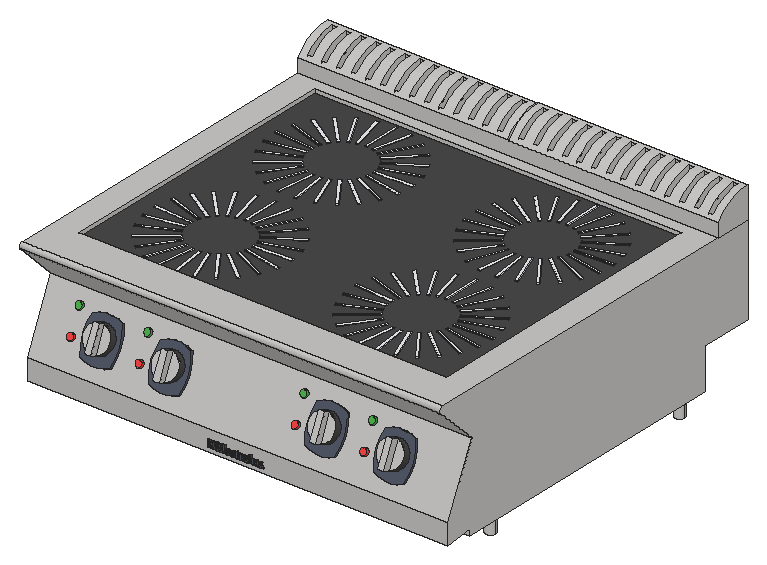
Revit family "QF_ELECTROLUXPROFESSIONAL_371021_E7INEH4000", category Specialty Equipment, Revit 2018
Family settings
  Round Connector Dimension = Use Diameter
  Part Type = Normal
  Work Plane-Based = No
  Always vertical = Yes
  Cut with Voids When Loaded = No
  Shared = No
  Room Calculation Point = No
Parameters
  Width = 800 mm  # constant formula
  Weight in Pounds = 88  # constant formula
  Watts = 14000 VA  # 14000 W
  Volts = 400 V  # constant formula
  URL Cutsheet = "www.electrolux.com/foodservice"
  URL = "www.electrolux.com/foodservice"
  Type Mark [instance] = ""
  Status [instance] = ""
  Specification by User [instance] = ""
  Specification by Manufacturer = ""
  Show Logo [instance] = yes
  Show Clearance [instance] = yes
  Serial Number = ""
  Seismic Rating = ""
  SMACNA No = ""
  Revision Code [instance] = ""
  Phase = 3  # constant formula
  Omniclass Number and Title = ""
  Number of Poles [instance] = 1
  NAFEM Spec ID Number = ""
  Model = "371021"
  Min Ckt Ampacity = 0 A
  Max Overcurrent Protection = 0 A
  Masterspec = ""
  Manufacturer = "ELECTROLUX"
  Item Number [instance] = ""
  Installed By [instance] = ""
  Identify Quantity as Lot [instance] = yes
  Height = 332 mm  # constant formula
  HP = "18.8 HP"
  Furnished By [instance] = ""
  Foodservice Equipment Identifier [instance] = yes
  FL Amps = if(Phase = 3, Watts / (Volts * 1.73), Watts / Volts)  # 20.2312 A
  Electrical Remarks [instance] = "400 V/3N ph/50/60 Hz"  # constant formula
  Electric Connection Type [instance] = ""
  Elec Conn RI Height [instance] = 0 mm
  Elec Conn Connection Height [instance] = 0 mm
  Direct Waste Size = 0"
  Description = "700XP 4 Zone Hot Plate Electric Induction Cooking Top Range - 400V"
  Depth = 730 mm  # constant formula
  Cycle = if([60 Hertz Option], 60 Hz, 50 Hz)  # 60 Hz
  Conn Plug = ""
  Conn Conduit = yes
  CSI MasterFormat = ""
  CSI Master Format = ""
  Base Height [instance] = 24 mm  # constant formula
  Apparent Power = if(Phase = 3, Volts * FL Amps * 1.73, Volts * FL Amps)  # 14000 VA
  60 Hertz Option = not([50 Hertz Option])  # yes
  50 Hertz Option = no
Reference planes
  plane 1 "BACK": y = 0
  plane 2: z = 0
  plane 3 "LEFT": x = 0
  plane 4 "RIGHT": x = 800
  plane 5 "FRONT": y = -730
  plane 6 "TOP": z = 332
  plane 7 "Center Y": x = 400
  plane 8 "Center X": y = -365
  plane 9 "BASE": z = 24
  plane 10 "TOP A": z = 273.238
  plane 11: y = -597.884
  plane 12: y = -147.637
Forms (mm)
  Extrusion 1, solid, material "QF_Finishes_Stainless Steel"
    sketch origin (0, 0, 0) x (0, 1, 0) y (0, 0, 1)
      loop
        line (0, 273.237) -> (-725.027, 273.237)
        arc (-725.027, 273.237) -> (-730.893, 269.318) -> (-729.517, 262.397) r 6.35
        line (-729.517, 262.397) -> (-657.416, 190.047) -> (-713.522, 69.19) -> (-713.522, 31.09) -> (-660.4, 36.7) -> (-660.4, 24) -> (-101.6, 24) -> (-101.6, 101.788) -> (0, 101.788) -> (0, 273.237)
    from 0 to 800
  Extrusion 2, void
    sketch origin (0, 0, 273.238) x (-1, 0, 0) y (0, -1, 0)
      loop
        line (-50, 93.262) -> (-50, 653.262) -> (-750, 653.262) -> (-750, 93.262) -> (-50, 93.262)
    from 0 to -6.35
  Extrusion 3, solid, material "QF_Finishes_Stainless Steel"
    sketch origin (0, 0, 0) x (1, 0, 0) y (0, 1, 0)
      loop
        circle (11.112, -147.638) r 9.525
      loop
        circle (11.112, -597.884) r 9.525
      loop
        circle (788.887, -147.638) r 9.525
      loop
        circle (788.887, -597.884) r 9.525
    from 0 to 24
  Extrusion 4, solid, material "QF_Finishes_Navy Blue"
    sketch origin (-40.325, -713.522, 69.19) x (0, 0.421077, 0.907025) y (-1, 0, 0)
      loop
        arc (101.077, -132.565) -> (66.2, -125.548) -> (31.333, -132.61) r 89.894
        arc (31.333, -132.61) -> (24.638, -161.14) -> (31.333, -189.671) r 64.14
        arc (31.333, -189.671) -> (66.2, -196.736) -> (101.077, -189.715) r 89.853
        arc (101.077, -189.715) -> (107.792, -161.14) -> (101.077, -132.565) r 64.16
    from 0 to 3.175
  Extrusion 5, solid, material "QF_Finishes_Stainless Steel"
    sketch origin (-40.325, -716.402, 70.527) x (0, 0.421077, 0.907025) y (-1, 0, 0)
      loop
        circle (68.826, -160.963) r 25.4
    from 0 to 12.7
  Extrusion 6, solid, material "QF_Finishes_Stainless Steel"
    sketch origin (-40.325, -727.921, 75.875) x (0, 0.421077, 0.907025) y (-1, 0, 0)
      loop
        arc (93.558, -166.749) -> (94.226, -160.963) -> (93.558, -155.177) r 25.4
        line (93.558, -155.177) -> (44.094, -155.177)
        arc (44.094, -155.177) -> (43.426, -160.963) -> (44.094, -166.749) r 25.4
        line (44.094, -166.749) -> (93.558, -166.749)
    from 0 to 12.7
  Extrusion 7, solid, material "QF_Finishes_Green"
    sketch origin (-95, -709.311, 78.261) x (0, 0.421077, 0.907025) y (-1, 0, 0)
      loop
        circle (93.566, -160.648) r 6.35
    from 0 to 3.175
  Extrusion 8, solid, material "QF_Finishes_Red"
    sketch origin (-95, -719.312, 56.719) x (0, 0.421077, 0.907025) y (-1, 0, 0)
      loop
        circle (68.272, -160.648) r 6.4
    from 0 to 3.175
  Extrusion 9, solid, material "QF_Finishes_Stainless Steel"
    sketch origin (0, -101.6, 101.788) x (0, 0, -1) y (-1, 0, 0)
      loop
        circle (43.882, -736.5) r 12.7
    from 0 to 12.7
  Extrusion 10, solid, material "QF_Finishes_Clearance", visible <- "Show Clearance", detail levels coarse
    sketch origin (0, 0, 0) x (1, 0, 0) y (0, 1, 0)
      loop
        line (0, -731.377) -> (0, 0) -> (800, 0) -> (800, -731.377) -> (950.019, -731.377) -> (950.019, 150.019) -> (-150.019, 150.019) -> (-150.019, -731.377) -> (0, -731.377)
    from 0 to 332
  Extrusion 11, solid, material "QF_Finishes_Stainless Steel"
    sketch origin (0, 0, -1.4) x (0, 1, 0) y (0, 0, 1)
      loop
        line (0, 274.638) -> (0, 333.375)
        arc (0, 333.375) -> (-38.879, 324.991) -> (-69.85, 300.038) r 86.156
        line (-69.85, 300.038) -> (-69.85, 274.638) -> (0, 274.638)
    from 0 to 800.1
  Extrusion 12, void
    sketch origin (0, 0, 273.238) x (-1, 0, 0) y (0, -1, 0)
      loop
        line (-13.453, 6.761) -> (-13.453, 63.911) -> (-22.749, 63.911) -> (-22.749, 6.761) -> (-13.453, 6.761)
    from 25.4 to 63.5
  Extrusion 13, void
    sketch origin (361.95, 0, 273.238) x (-1, 0, 0) y (0, -1, 0)
      loop
        line (-13.453, 6.761) -> (-13.453, 63.911) -> (-22.749, 63.911) -> (-22.749, 6.761) -> (-13.453, 6.761)
    from 25.4 to 63.5
  Extrusion 14, void
    sketch origin (27.842, 0, 273.238) x (-1, 0, 0) y (0, -1, 0)
      loop
        line (-13.453, 6.761) -> (-13.453, 63.911) -> (-22.749, 63.911) -> (-22.749, 6.761) -> (-13.453, 6.761)
    from 25.4 to 63.5
  Extrusion 15, void
    sketch origin (55.685, 0, 273.238) x (-1, 0, 0) y (0, -1, 0)
      loop
        line (-13.453, 6.761) -> (-13.453, 63.911) -> (-22.749, 63.911) -> (-22.749, 6.761) -> (-13.453, 6.761)
    from 25.4 to 63.5
  Extrusion 16, void
    sketch origin (83.527, 0, 273.238) x (-1, 0, 0) y (0, -1, 0)
      loop
        line (-13.453, 6.761) -> (-13.453, 63.911) -> (-22.749, 63.911) -> (-22.749, 6.761) -> (-13.453, 6.761)
    from 25.4 to 63.5
  Extrusion 17, void
    sketch origin (111.369, 0, 273.238) x (-1, 0, 0) y (0, -1, 0)
      loop
        line (-13.453, 6.761) -> (-13.453, 63.911) -> (-22.749, 63.911) -> (-22.749, 6.761) -> (-13.453, 6.761)
    from 25.4 to 63.5
  Extrusion 18, void
    sketch origin (139.212, 0, 273.238) x (-1, 0, 0) y (0, -1, 0)
      loop
        line (-13.453, 6.761) -> (-13.453, 63.911) -> (-22.749, 63.911) -> (-22.749, 6.761) -> (-13.453, 6.761)
    from 25.4 to 63.5
  Extrusion 19, void
    sketch origin (167.054, 0, 273.238) x (-1, 0, 0) y (0, -1, 0)
      loop
        line (-13.453, 6.761) -> (-13.453, 63.911) -> (-22.749, 63.911) -> (-22.749, 6.761) -> (-13.453, 6.761)
    from 25.4 to 63.5
  Extrusion 20, void
    sketch origin (194.896, 0, 273.238) x (-1, 0, 0) y (0, -1, 0)
      loop
        line (-13.453, 6.761) -> (-13.453, 63.911) -> (-22.749, 63.911) -> (-22.749, 6.761) -> (-13.453, 6.761)
    from 25.4 to 63.5
  Extrusion 21, void
    sketch origin (222.738, 0, 273.238) x (-1, 0, 0) y (0, -1, 0)
      loop
        line (-13.453, 6.761) -> (-13.453, 63.911) -> (-22.749, 63.911) -> (-22.749, 6.761) -> (-13.453, 6.761)
    from 25.4 to 63.5
  Extrusion 22, void
    sketch origin (250.581, 0, 273.238) x (-1, 0, 0) y (0, -1, 0)
      loop
        line (-13.453, 6.761) -> (-13.453, 63.911) -> (-22.749, 63.911) -> (-22.749, 6.761) -> (-13.453, 6.761)
    from 25.4 to 63.5
  Extrusion 23, void
    sketch origin (278.423, 0, 273.238) x (-1, 0, 0) y (0, -1, 0)
      loop
        line (-13.453, 6.761) -> (-13.453, 63.911) -> (-22.749, 63.911) -> (-22.749, 6.761) -> (-13.453, 6.761)
    from 25.4 to 63.5
  Extrusion 24, void
    sketch origin (306.265, 0, 273.238) x (-1, 0, 0) y (0, -1, 0)
      loop
        line (-13.453, 6.761) -> (-13.453, 63.911) -> (-22.749, 63.911) -> (-22.749, 6.761) -> (-13.453, 6.761)
    from 25.4 to 63.5
  Extrusion 25, void
    sketch origin (334.108, 0, 273.238) x (-1, 0, 0) y (0, -1, 0)
      loop
        line (-13.453, 6.761) -> (-13.453, 63.911) -> (-22.749, 63.911) -> (-22.749, 6.761) -> (-13.453, 6.761)
    from 25.4 to 63.5
  Extrusion 26, void
    sketch origin (800.1, 0, 273.238) x (1, 0, 0) y (0, 1, 0)
      loop
        line (-13.453, -6.761) -> (-22.749, -6.761) -> (-22.749, -63.911) -> (-13.453, -63.911) -> (-13.453, -6.761)
    from 25.4 to 63.5
  Extrusion 27, void
    sketch origin (438.15, 0, 273.238) x (1, 0, 0) y (0, 1, 0)
      loop
        line (-13.453, -6.761) -> (-22.749, -6.761) -> (-22.749, -63.911) -> (-13.453, -63.911) -> (-13.453, -6.761)
    from 25.4 to 63.5
  Extrusion 28, void
    sketch origin (772.258, 0, 273.238) x (1, 0, 0) y (0, 1, 0)
      loop
        line (-13.453, -6.761) -> (-22.749, -6.761) -> (-22.749, -63.911) -> (-13.453, -63.911) -> (-13.453, -6.761)
    from 25.4 to 63.5
  Extrusion 29, void
    sketch origin (744.415, 0, 273.238) x (1, 0, 0) y (0, 1, 0)
      loop
        line (-13.453, -6.761) -> (-22.749, -6.761) -> (-22.749, -63.911) -> (-13.453, -63.911) -> (-13.453, -6.761)
    from 25.4 to 63.5
  Extrusion 30, void
    sketch origin (716.573, 0, 273.238) x (1, 0, 0) y (0, 1, 0)
      loop
        line (-13.453, -6.761) -> (-22.749, -6.761) -> (-22.749, -63.911) -> (-13.453, -63.911) -> (-13.453, -6.761)
    from 25.4 to 63.5
  Extrusion 31, void
    sketch origin (688.731, 0, 273.238) x (1, 0, 0) y (0, 1, 0)
      loop
        line (-13.453, -6.761) -> (-22.749, -6.761) -> (-22.749, -63.911) -> (-13.453, -63.911) -> (-13.453, -6.761)
    from 25.4 to 63.5
  Extrusion 32, void
    sketch origin (660.888, 0, 273.238) x (1, 0, 0) y (0, 1, 0)
      loop
        line (-13.453, -6.761) -> (-22.749, -6.761) -> (-22.749, -63.911) -> (-13.453, -63.911) -> (-13.453, -6.761)
    from 25.4 to 63.5
  Extrusion 33, void
    sketch origin (633.046, 0, 273.238) x (1, 0, 0) y (0, 1, 0)
      loop
        line (-13.453, -6.761) -> (-22.749, -6.761) -> (-22.749, -63.911) -> (-13.453, -63.911) -> (-13.453, -6.761)
    from 25.4 to 63.5
  Extrusion 34, void
    sketch origin (605.204, 0, 273.238) x (1, 0, 0) y (0, 1, 0)
      loop
        line (-13.453, -6.761) -> (-22.749, -6.761) -> (-22.749, -63.911) -> (-13.453, -63.911) -> (-13.453, -6.761)
    from 25.4 to 63.5
  Extrusion 35, void
    sketch origin (577.362, 0, 273.238) x (1, 0, 0) y (0, 1, 0)
      loop
        line (-13.453, -6.761) -> (-22.749, -6.761) -> (-22.749, -63.911) -> (-13.453, -63.911) -> (-13.453, -6.761)
    from 25.4 to 63.5
  Extrusion 36, void
    sketch origin (549.519, 0, 273.238) x (1, 0, 0) y (0, 1, 0)
      loop
        line (-13.453, -6.761) -> (-22.749, -6.761) -> (-22.749, -63.911) -> (-13.453, -63.911) -> (-13.453, -6.761)
    from 25.4 to 63.5
  Extrusion 37, void
    sketch origin (521.677, 0, 273.238) x (1, 0, 0) y (0, 1, 0)
      loop
        line (-13.453, -6.761) -> (-22.749, -6.761) -> (-22.749, -63.911) -> (-13.453, -63.911) -> (-13.453, -6.761)
    from 25.4 to 63.5
  Extrusion 38, void
    sketch origin (493.835, 0, 273.238) x (1, 0, 0) y (0, 1, 0)
      loop
        line (-13.453, -6.761) -> (-22.749, -6.761) -> (-22.749, -63.911) -> (-13.453, -63.911) -> (-13.453, -6.761)
    from 25.4 to 63.5
  Extrusion 39, void
    sketch origin (465.992, 0, 273.238) x (1, 0, 0) y (0, 1, 0)
      loop
        line (-13.453, -6.761) -> (-22.749, -6.761) -> (-22.749, -63.911) -> (-13.453, -63.911) -> (-13.453, -6.761)
    from 25.4 to 63.5
  Extrusion 40, void
    sketch origin (418.151, 0, 273.238) x (1, 0, 0) y (0, 1, 0)
      loop
        line (-16.513, 0) -> (-19.688, 0) -> (-19.688, -69.85) -> (-16.513, -69.85) -> (-16.513, 0)
    from 25.4 to 63.5
  Extrusion 41, solid, material "QF_Finishes_Navy Blue", visible <- "Show Logo"
    sketch origin (57.747, -713.772, 32.49) x (0, 0, 1) y (-1, 0, 0)
      loop
        line (20.674, -296.698) -> (8.307, -296.698)
        arc (8.307, -296.698) -> (14.491, -301.27) -> (20.674, -296.698) r 6.467
      loop
        arc (20.674, -296.069) -> (19.505, -290.926) -> (14.849, -288.448) r 6.338
        line (14.849, -288.448) -> (14.849, -290.494)
        arc (14.849, -290.494) -> (16.333, -294.149) -> (19.778, -296.069) r 5.941
        line (19.778, -296.069) -> (20.674, -296.069)
      loop
        arc (9.203, -296.069) -> (12.648, -294.149) -> (14.132, -290.494) r 5.941
        line (14.132, -290.494) -> (14.132, -288.448)
        arc (14.132, -288.448) -> (9.438, -290.922) -> (8.148, -296.069) r 6.504
        line (8.148, -296.069) -> (9.203, -296.069)
      loop
        line (21.349, -287.979) -> (7.604, -287.979) -> (7.604, -301.742) -> (21.349, -301.742) -> (21.349, -287.979)
      loop
        arc (21.432, -304.71) -> (21.085, -304.352) -> (20.718, -304.69) r 0.358
        arc (20.718, -304.69) -> (20.404, -305.44) -> (19.687, -305.825) r 1.216
        line (19.687, -305.825) -> (9.274, -305.825)
        arc (9.274, -305.825) -> (8.614, -305.548) -> (8.218, -304.951) r 1.238
        arc (8.218, -304.951) -> (7.823, -304.7) -> (7.518, -305.054) r 0.358
        line (7.518, -305.054) -> (7.518, -314.933) -> (10.269, -314.933) -> (10.269, -314.036)
        arc (10.269, -314.036) -> (9.36, -313.456) -> (8.904, -312.479) r 1.928
        line (8.904, -312.479) -> (8.904, -309.98)
        arc (8.904, -309.98) -> (9.18, -309.251) -> (9.868, -308.887) r 1.101
        line (9.868, -308.887) -> (13.955, -308.887) -> (13.955, -312.561)
        arc (13.955, -312.561) -> (13.602, -313.058) -> (13.037, -313.286) r 1.083
        arc (13.037, -313.286) -> (12.773, -313.591) -> (13.065, -313.869) r 0.292
        line (13.065, -313.869) -> (16.028, -313.869)
        arc (16.028, -313.869) -> (16.33, -313.596) -> (16.092, -313.266) r 0.305
        arc (16.092, -313.266) -> (15.601, -313.018) -> (15.296, -312.561) r 1.083
        line (15.296, -312.561) -> (15.296, -308.887) -> (19.973, -308.887) -> (19.973, -312.635)
        arc (19.973, -312.635) -> (19.759, -313.39) -> (19.153, -313.888) r 1.314
        arc (19.153, -313.888) -> (18.934, -314.292) -> (19.288, -314.585) r 0.361
        line (19.288, -314.585) -> (21.432, -314.585) -> (21.432, -304.71)
      loop
        arc (20.715, -315.365) -> (20.335, -316.284) -> (19.416, -316.664) r 1.299
        line (19.416, -316.664) -> (9.837, -316.664)
        arc (9.837, -316.664) -> (8.999, -316.286) -> (8.728, -315.408) r 1.118
        line (8.728, -315.408) -> (7.518, -315.408) -> (7.518, -320.758) -> (8.706, -320.758)
        arc (8.706, -320.758) -> (8.978, -319.841) -> (9.848, -319.445) r 1.153
        line (9.848, -319.445) -> (21.92, -319.445) -> (20.715, -315.365)
      loop
        line (12.483, -323.394) -> (12.483, -329.842) -> (13.282, -329.842)
        arc (13.282, -329.842) -> (15.862, -328.857) -> (17.131, -326.404) r 3.874
        line (17.131, -326.404) -> (17.131, -324.643)
        arc (17.131, -324.643) -> (15.944, -321.778) -> (13.08, -320.592) r 4.051
        line (13.08, -320.592) -> (11.072, -320.592)
        arc (11.072, -320.592) -> (8.253, -322.077) -> (7.202, -325.084) r 4.352
        arc (7.202, -325.084) -> (7.566, -327.547) -> (8.943, -329.621) r 5.713
        line (8.943, -329.621) -> (9.892, -329.621)
        arc (9.892, -329.621) -> (9.16, -328.052) -> (8.943, -326.334) r 5.579
        arc (8.943, -326.334) -> (9.737, -324.371) -> (11.616, -323.394) r 3.057
        line (11.616, -323.394) -> (12.483, -323.394)
      loop
        line (13.742, -323.394) -> (13.742, -326.977)
        arc (13.742, -326.977) -> (15.199, -327.024) -> (16.082, -325.864) r 1.59
        line (16.082, -325.864) -> (16.082, -325.034)
        arc (16.082, -325.034) -> (15.217, -323.779) -> (13.742, -323.394) r 2.184
      loop
        arc (16.533, -339.259) -> (17.022, -337.585) -> (17.179, -335.848) r 9.023
        line (17.179, -335.848) -> (17.179, -334.486)
        arc (17.179, -334.486) -> (16.02, -331.686) -> (13.22, -330.527) r 3.959
        line (13.22, -330.527) -> (10.62, -330.527)
        arc (10.62, -330.527) -> (8.338, -331.819) -> (7.221, -334.192) r 4.331
        line (7.221, -334.192) -> (7.221, -336.327)
        arc (7.221, -336.327) -> (7.729, -337.877) -> (8.651, -339.223) r 5.772
        arc (8.651, -339.223) -> (9.412, -339.274) -> (9.499, -338.515) r 0.553
        arc (9.499, -338.515) -> (9.111, -337.781) -> (8.977, -336.962) r 2.573
        line (8.977, -336.962) -> (8.977, -335.447)
        arc (8.977, -335.447) -> (9.983, -333.806) -> (11.798, -333.163) r 2.884
        line (11.798, -333.163) -> (13.077, -333.163)
        arc (13.077, -333.163) -> (14.898, -333.723) -> (15.824, -335.388) r 2.554
        line (15.824, -335.388) -> (15.824, -336.441)
        arc (15.824, -336.441) -> (15.493, -337.369) -> (14.836, -338.104) r 2.564
        arc (14.836, -338.104) -> (14.614, -338.821) -> (15.223, -339.259) r 0.643
        line (15.223, -339.259) -> (16.533, -339.259)
      loop
        line (15.515, -339.53) -> (15.515, -341.031) -> (9.467, -341.031)
        arc (9.467, -341.031) -> (7.879, -341.688) -> (7.221, -343.276) r 2.246
        line (7.221, -343.276) -> (7.221, -344.86)
        arc (7.221, -344.86) -> (7.535, -345.725) -> (8.035, -346.496) r 4.06
        arc (8.035, -346.496) -> (8.768, -346.629) -> (9.019, -345.928) r 0.576
        arc (9.019, -345.928) -> (8.913, -345.403) -> (8.977, -344.87) r 1.69
        arc (8.977, -344.87) -> (9.519, -344.082) -> (10.425, -343.779) r 1.506
        line (10.425, -343.779) -> (15.563, -343.779) -> (15.563, -346.176) -> (16.119, -346.733) -> (16.941, -346.733) -> (16.941, -343.873) -> (20.172, -343.873) -> (15.515, -339.53)
      loop
        line (7.438, -347.63) -> (7.438, -353.017) -> (8.548, -353.017)
        arc (8.548, -353.017) -> (8.942, -352.066) -> (9.893, -351.672) r 1.345
        line (9.893, -351.672) -> (13.509, -351.672)
        arc (13.509, -351.672) -> (14.274, -352.264) -> (14.564, -353.186) r 1.615
        line (14.564, -353.186) -> (14.564, -354.742) -> (17.119, -355.427) -> (17.119, -354.044) -> (15.177, -351.485) -> (17.057, -351.485) -> (16.773, -348.779)
        arc (16.773, -348.779) -> (16.333, -348.249) -> (15.674, -348.45) r 0.621
        arc (15.674, -348.45) -> (15.274, -348.792) -> (14.78, -348.975) r 1.501
        line (14.78, -348.975) -> (9.893, -348.975)
        arc (9.893, -348.975) -> (8.942, -348.581) -> (8.548, -347.63) r 1.345
        line (8.548, -347.63) -> (7.438, -347.63)
      loop
        line (13.54, -354.964) -> (10.848, -354.964)
        arc (10.848, -354.964) -> (8.403, -356.272) -> (7.269, -358.803) r 4.288
        arc (7.269, -358.803) -> (7.205, -360.183) -> (7.269, -361.563) r 15.022
        arc (7.269, -361.563) -> (8.403, -364.094) -> (10.848, -365.401) r 4.288
        line (10.848, -365.401) -> (13.54, -365.401)
        arc (13.54, -365.401) -> (15.986, -364.094) -> (17.119, -361.563) r 4.288
        arc (17.119, -361.563) -> (17.183, -360.183) -> (17.119, -358.803) r 15.022
        arc (17.119, -358.803) -> (15.986, -356.272) -> (13.54, -354.964) r 4.288
      loop
        line (13.745, -358.078) -> (10.643, -358.078)
        arc (10.643, -358.078) -> (8.486, -360.235) -> (10.643, -362.392) r 2.157
        line (10.643, -362.392) -> (13.745, -362.392)
        arc (13.745, -362.392) -> (15.902, -360.235) -> (13.745, -358.078) r 2.157
      loop
        arc (20.726, -365.26) -> (20.355, -366.154) -> (19.461, -366.524) r 1.264
        line (19.461, -366.524) -> (9.597, -366.524)
        arc (9.597, -366.524) -> (8.727, -366.127) -> (8.455, -365.211) r 1.153
        line (8.455, -365.211) -> (7.518, -365.211) -> (7.518, -370.319) -> (8.446, -370.319)
        arc (8.446, -370.319) -> (8.805, -369.547) -> (9.597, -369.232) r 1.153
        line (9.597, -369.232) -> (21.92, -369.232) -> (20.726, -365.26)
      loop
        arc (15.846, -369.857) -> (15.647, -370.921) -> (14.678, -371.403) r 1.215
        line (14.678, -371.403) -> (9.658, -371.403)
        arc (9.658, -371.403) -> (8.043, -372.051) -> (7.322, -373.634) r 2.338
        line (7.322, -373.634) -> (7.322, -375.148)
        arc (7.322, -375.148) -> (7.497, -376.152) -> (7.999, -377.038) r 2.979
        line (7.999, -377.038) -> (7.518, -378.835) -> (7.518, -380.524) -> (16.943, -380.524) -> (16.649, -376.32) -> (15.863, -376.32)
        arc (15.863, -376.32) -> (15.507, -377.156) -> (14.755, -377.665) r 1.605
        line (14.755, -377.665) -> (9.652, -377.665)
        arc (9.652, -377.665) -> (9.232, -376.728) -> (9.159, -375.704) r 2.94
        arc (9.159, -375.704) -> (9.72, -374.603) -> (10.873, -374.16) r 1.724
        line (10.873, -374.16) -> (17.07, -374.16) -> (15.846, -369.857)
      loop
        line (16.874, -381.377) -> (15.202, -383.423) -> (12.028, -385.729) -> (8.572, -382.617)
        arc (8.572, -382.617) -> (8.335, -382.223) -> (8.357, -381.764) r 0.789
        line (8.357, -381.764) -> (7.518, -381.764) -> (7.518, -385.309) -> (8.344, -385.309)
        arc (8.344, -385.309) -> (8.686, -384.947) -> (9.176, -385.039) r 0.52
        line (9.176, -385.039) -> (10.976, -386.51) -> (8.858, -387.886)
        arc (8.858, -387.886) -> (8.457, -387.576) -> (8.37, -387.076) r 0.7
        line (8.37, -387.076) -> (7.518, -387.076) -> (7.518, -393.003) -> (8.405, -393.003)
        arc (8.405, -393.003) -> (8.472, -392.344) -> (8.866, -391.813) r 1.247
        line (8.866, -391.813) -> (13.066, -388.532) -> (15.513, -390.585) -> (16.874, -392.327) -> (16.874, -388.604) -> (15.389, -389.026) -> (13.868, -387.749) -> (15.568, -386.559) -> (16.874, -387.336) -> (16.874, -381.377)
    from 0 to 1.644
  Extrusion 42, solid, material "QF_Finishes_Navy Blue"
    sketch origin (90.31, -713.522, 69.19) x (0, 0.421077, 0.907025) y (-1, 0, 0)
      loop
        arc (101.077, -132.565) -> (66.2, -125.548) -> (31.333, -132.61) r 89.894
        arc (31.333, -132.61) -> (24.638, -161.14) -> (31.333, -189.671) r 64.14
        arc (31.333, -189.671) -> (66.2, -196.736) -> (101.077, -189.715) r 89.853
        arc (101.077, -189.715) -> (107.792, -161.14) -> (101.077, -132.565) r 64.16
    from 0 to 3.175
  Extrusion 43, solid, material "QF_Finishes_Stainless Steel"
    sketch origin (90.31, -716.402, 70.527) x (0, 0.421077, 0.907025) y (-1, 0, 0)
      loop
        circle (68.826, -160.963) r 25.4
    from 0 to 12.7
  Extrusion 44, solid, material "QF_Finishes_Stainless Steel"
    sketch origin (90.31, -727.921, 75.875) x (0, 0.421077, 0.907025) y (-1, 0, 0)
      loop
        arc (93.558, -166.749) -> (94.226, -160.963) -> (93.558, -155.177) r 25.4
        line (93.558, -155.177) -> (44.094, -155.177)
        arc (44.094, -155.177) -> (43.426, -160.963) -> (44.094, -166.749) r 25.4
        line (44.094, -166.749) -> (93.558, -166.749)
    from 0 to 12.7
  Extrusion 45, solid, material "QF_Finishes_Green"
    sketch origin (35.635, -709.311, 78.261) x (0, 0.421077, 0.907025) y (-1, 0, 0)
      loop
        circle (93.566, -160.648) r 6.35
    from 0 to 3.175
  Extrusion 46, solid, material "QF_Finishes_Red"
    sketch origin (35.635, -719.312, 56.719) x (0, 0.421077, 0.907025) y (-1, 0, 0)
      loop
        circle (68.272, -160.648) r 6.4
    from 0 to 3.175
  Extrusion 47, solid, material "QF_Finishes_Navy Blue"
    sketch origin (840.325, -713.522, 69.19) x (0, 0.421077, 0.907025) y (-1, 0, 0)
      loop
        arc (101.077, 132.565) -> (107.792, 161.14) -> (101.077, 189.715) r 64.16
        arc (101.077, 189.715) -> (66.2, 196.736) -> (31.333, 189.671) r 89.853
        arc (31.333, 189.671) -> (24.638, 161.14) -> (31.333, 132.61) r 64.14
        arc (31.333, 132.61) -> (66.2, 125.548) -> (101.077, 132.565) r 89.894
    from 0 to 3.175
  Extrusion 48, solid, material "QF_Finishes_Stainless Steel"
    sketch origin (840.325, -716.402, 70.527) x (0, 0.421077, 0.907025) y (-1, 0, 0)
      loop
        circle (68.826, 160.963) r 25.4
    from 0 to 12.7
  Extrusion 49, solid, material "QF_Finishes_Stainless Steel"
    sketch origin (840.325, -727.921, 75.875) x (0, 0.421077, 0.907025) y (-1, 0, 0)
      loop
        line (93.558, 166.749) -> (44.094, 166.749)
        arc (44.094, 166.749) -> (43.426, 160.963) -> (44.094, 155.177) r 25.4
        line (44.094, 155.177) -> (93.558, 155.177)
        arc (93.558, 155.177) -> (94.226, 160.963) -> (93.558, 166.749) r 25.4
    from 0 to 12.7
  Extrusion 50, solid, material "QF_Finishes_Navy Blue"
    sketch origin (709.69, -713.522, 69.19) x (0, 0.421077, 0.907025) y (-1, 0, 0)
      loop
        arc (101.077, 132.565) -> (107.792, 161.14) -> (101.077, 189.715) r 64.16
        arc (101.077, 189.715) -> (66.2, 196.736) -> (31.333, 189.671) r 89.853
        arc (31.333, 189.671) -> (24.638, 161.14) -> (31.333, 132.61) r 64.14
        arc (31.333, 132.61) -> (66.2, 125.548) -> (101.077, 132.565) r 89.894
    from 0 to 3.175
  Extrusion 51, solid, material "QF_Finishes_Stainless Steel"
    sketch origin (709.69, -716.402, 70.527) x (0, 0.421077, 0.907025) y (-1, 0, 0)
      loop
        circle (68.826, 160.963) r 25.4
    from 0 to 12.7
  Extrusion 52, solid, material "QF_Finishes_Stainless Steel"
    sketch origin (709.69, -727.921, 75.875) x (0, 0.421077, 0.907025) y (-1, 0, 0)
      loop
        line (93.558, 166.749) -> (44.094, 166.749)
        arc (44.094, 166.749) -> (43.426, 160.963) -> (44.094, 155.177) r 25.4
        line (44.094, 155.177) -> (93.558, 155.177)
        arc (93.558, 155.177) -> (94.226, 160.963) -> (93.558, 166.749) r 25.4
    from 0 to 12.7
  Extrusion 53, solid, material "QF_Finishes_Green"
    sketch origin (332.734, -709.311, 78.261) x (0, 0.421077, 0.907025) y (-1, 0, 0)
      loop
        circle (93.566, -160.648) r 6.35
    from 0 to 3.175
  Extrusion 54, solid, material "QF_Finishes_Red"
    sketch origin (332.734, -719.312, 56.719) x (0, 0.421077, 0.907025) y (-1, 0, 0)
      loop
        circle (68.272, -160.648) r 6.4
    from 0 to 3.175
  Extrusion 55, solid, material "QF_Finishes_Green"
    sketch origin (463.369, -709.311, 78.261) x (0, 0.421077, 0.907025) y (-1, 0, 0)
      loop
        circle (93.566, -160.648) r 6.35
    from 0 to 3.175
  Extrusion 56, solid, material "QF_Finishes_Red"
    sketch origin (463.369, -719.312, 56.719) x (0, 0.421077, 0.907025) y (-1, 0, 0)
      loop
        circle (68.272, -160.648) r 6.4
    from 0 to 3.175
Cuts and joins
  Extrusion 2, Extrusion 12, Extrusion 13, Extrusion 14, Extrusion 15, Extrusion 16, Extrusion 17, Extrusion 18, Extrusion 19, Extrusion 20, Extrusion 21, Extrusion 22, Extrusion 23, Extrusion 24, Extrusion 25, Extrusion 26, Extrusion 27, Extrusion 28, Extrusion 29, Extrusion 30, Extrusion 31, Extrusion 32, Extrusion 33, Extrusion 34, Extrusion 35, Extrusion 36, Extrusion 37, Extrusion 38, Extrusion 39, Extrusion 40 cuts Extrusion 1
  joined: Extrusion 5, Extrusion 6
  Extrusion 12 cuts Extrusion 10
  Extrusion 12, Extrusion 13, Extrusion 14, Extrusion 15, Extrusion 16, Extrusion 17, Extrusion 18, Extrusion 19, Extrusion 20, Extrusion 21, Extrusion 22, Extrusion 23, Extrusion 24, Extrusion 25, Extrusion 26, Extrusion 27, Extrusion 28, Extrusion 29, Extrusion 30, Extrusion 31, Extrusion 32, Extrusion 33, Extrusion 34, Extrusion 35, Extrusion 36, Extrusion 37, Extrusion 38, Extrusion 39, Extrusion 40 cuts Extrusion 11
Lines and regions (mm)
  symbolic lines, style "QF-Clearances", visible <- "Show Clearance", detail levels coarse
    curve 1: line (-150.019, 150.019, 273.238) -> (-150.019, -731.377, 273.238)
    curve 2: line (950.019, 150.019, 273.237) -> (-150.019, 150.019, 273.238)
    curve 3: line (950.019, -731.377, 273.237) -> (950.019, 150.019, 273.237)
  symbolic lines
    curve 4: line (0, 0, 273.238) -> (800, 0, 273.237)
    curve 5: line (0, -730, 273.238) -> (0, 0, 273.238)
    curve 6: line (800, 0, 273.237) -> (800, -730, 273.237)
    curve 7: line (231.725, -69.85, 273.237) -> (0, -69.85, 273.238)
    curve 8: line (0, -69.85, 273.238) -> (0, -120.65, 273.238)
    curve 9: line (0, -69.85, 273.238) -> (398.546, -69.85, 273.237)
    curve 10: line (800, -730, 273.237) -> (0, -730, 273.238)
    curve 11: line (726.512, -356.903, 266.887) -> (738.006, -356.903, 266.887)
    curve 12: line (726.512, -389.159, 266.887) -> (726.512, -356.903, 266.887)
    curve 13: line (738.006, -389.159, 266.887) -> (726.512, -389.159, 266.887)
    curve 14: line (738.006, -356.903, 266.887) -> (738.006, -389.159, 266.887)
    curve 15: line (50, -653.262, 266.888) -> (50, -93.262, 266.888)
    curve 16: line (50, -93.262, 266.888) -> (750, -93.262, 266.887)
    curve 17: line (750, -93.262, 266.887) -> (750, -653.262, 266.887)
    curve 18: line (750, -653.262, 266.887) -> (50, -653.262, 266.888)
    curve 19: line (13.453, -63.911, 266.888) -> (13.453, -6.761, 266.888)
    curve 20: line (13.453, -6.761, 266.888) -> (22.749, -6.761, 266.888)
    curve 21: line (22.749, -6.761, 266.888) -> (22.749, -63.911, 266.888)
    curve 22: line (22.749, -63.911, 266.888) -> (13.453, -63.911, 266.888)
    curve 23: line (375.403, -63.911, 266.887) -> (375.403, -6.761, 266.887)
    curve 24: line (375.403, -6.761, 266.887) -> (384.699, -6.761, 266.887)
    curve 25: line (384.699, -6.761, 266.887) -> (384.699, -63.911, 266.887)
    curve 26: line (384.699, -63.911, 266.887) -> (375.403, -63.911, 266.887)
    curve 27: line (41.295, -63.911, 266.888) -> (41.295, -6.761, 266.888)
    curve 28: line (41.295, -6.761, 266.888) -> (50.591, -6.761, 266.888)
    curve 29: line (50.591, -6.761, 266.888) -> (50.591, -63.911, 266.888)
    curve 30: line (50.591, -63.911, 266.888) -> (41.295, -63.911, 266.888)
    curve 31: line (69.137, -63.911, 266.888) -> (69.137, -6.761, 266.888)
    curve 32: line (69.137, -6.761, 266.888) -> (78.433, -6.761, 266.888)
    curve 33: line (78.433, -6.761, 266.888) -> (78.433, -63.911, 266.888)
    curve 34: line (78.433, -63.911, 266.888) -> (69.137, -63.911, 266.888)
    curve 35: line (96.98, -63.911, 266.888) -> (96.98, -6.761, 266.888)
    curve 36: line (96.98, -6.761, 266.888) -> (106.275, -6.761, 266.888)
    curve 37: line (106.275, -6.761, 266.888) -> (106.275, -63.911, 266.888)
    curve 38: line (106.275, -63.911, 266.888) -> (96.98, -63.911, 266.888)
    curve 39: line (124.822, -63.911, 266.888) -> (124.822, -6.761, 266.888)
    curve 40: line (124.822, -6.761, 266.888) -> (134.118, -6.761, 266.888)
    curve 41: line (134.118, -6.761, 266.888) -> (134.118, -63.911, 266.888)
    curve 42: line (134.118, -63.911, 266.888) -> (124.822, -63.911, 266.888)
    curve 43: line (152.664, -63.911, 266.888) -> (152.664, -6.761, 266.888)
    curve 44: line (152.664, -6.761, 266.888) -> (161.96, -6.761, 266.888)
    curve 45: line (161.96, -6.761, 266.888) -> (161.96, -63.911, 266.888)
    curve 46: line (161.96, -63.911, 266.888) -> (152.664, -63.911, 266.888)
    curve 47: line (180.507, -63.911, 266.888) -> (180.507, -6.761, 266.888)
    curve 48: line (180.507, -6.761, 266.888) -> (189.802, -6.761, 266.888)
    curve 49: line (189.802, -6.761, 266.888) -> (189.802, -63.911, 266.888)
    curve 50: line (189.802, -63.911, 266.888) -> (180.507, -63.911, 266.888)
    curve 51: line (208.349, -63.911, 266.888) -> (208.349, -6.761, 266.888)
    curve 52: line (208.349, -6.761, 266.888) -> (217.645, -6.761, 266.888)
    curve 53: line (217.645, -6.761, 266.888) -> (217.645, -63.911, 266.888)
    curve 54: line (217.645, -63.911, 266.888) -> (208.349, -63.911, 266.888)
    curve 55: line (236.191, -63.911, 266.888) -> (236.191, -6.761, 266.888)
    curve 56: line (236.191, -6.761, 266.888) -> (245.487, -6.761, 266.888)
    curve 57: line (245.487, -6.761, 266.888) -> (245.487, -63.911, 266.888)
    curve 58: line (245.487, -63.911, 266.888) -> (236.191, -63.911, 266.888)
    curve 59: line (264.034, -63.911, 266.888) -> (264.034, -6.761, 266.888)
    curve 60: line (264.034, -6.761, 266.888) -> (273.329, -6.761, 266.888)
    curve 61: line (273.329, -6.761, 266.888) -> (273.329, -63.911, 266.888)
    curve 62: line (273.329, -63.911, 266.888) -> (264.034, -63.911, 266.888)
    curve 63: line (291.876, -63.911, 266.888) -> (291.876, -6.761, 266.888)
    curve 64: line (291.876, -6.761, 266.888) -> (301.172, -6.761, 266.888)
    curve 65: line (301.172, -6.761, 266.888) -> (301.172, -63.911, 266.888)
    curve 66: line (301.172, -63.911, 266.888) -> (291.876, -63.911, 266.888)
    curve 67: line (319.718, -63.911, 266.888) -> (319.718, -6.761, 266.888)
    curve 68: line (319.718, -6.761, 266.888) -> (329.014, -6.761, 266.888)
    curve 69: line (329.014, -6.761, 266.888) -> (329.014, -63.911, 266.888)
    curve 70: line (329.014, -63.911, 266.888) -> (319.718, -63.911, 266.888)
    curve 71: line (347.561, -63.911, 266.888) -> (347.561, -6.761, 266.888)
    curve 72: line (347.561, -6.761, 266.888) -> (356.856, -6.761, 266.888)
    curve 73: line (356.856, -6.761, 266.888) -> (356.856, -63.911, 266.888)
    curve 74: line (356.856, -63.911, 266.888) -> (347.561, -63.911, 266.888)
    curve 75: line (786.547, -63.911, 266.888) -> (786.547, -6.761, 266.888)
    curve 76: line (786.547, -6.761, 266.888) -> (777.251, -6.761, 266.888)
    curve 77: line (777.251, -6.761, 266.888) -> (777.251, -63.911, 266.888)
    curve 78: line (777.251, -63.911, 266.888) -> (786.547, -63.911, 266.888)
    curve 79: line (424.597, -63.911, 266.887) -> (424.597, -6.761, 266.887)
    curve 80: line (424.597, -6.761, 266.887) -> (415.301, -6.761, 266.887)
    curve 81: line (415.301, -6.761, 266.887) -> (415.301, -63.911, 266.887)
    curve 82: line (415.301, -63.911, 266.887) -> (424.597, -63.911, 266.887)
    curve 83: line (758.705, -63.911, 266.888) -> (758.705, -6.761, 266.888)
    curve 84: line (758.705, -6.761, 266.888) -> (749.409, -6.761, 266.888)
    curve 85: line (749.409, -6.761, 266.888) -> (749.409, -63.911, 266.888)
    curve 86: line (749.409, -63.911, 266.888) -> (758.705, -63.911, 266.888)
    curve 87: line (730.863, -63.911, 266.888) -> (730.863, -6.761, 266.888)
    curve 88: line (730.863, -6.761, 266.888) -> (721.567, -6.761, 266.888)
    curve 89: line (721.567, -6.761, 266.888) -> (721.567, -63.911, 266.888)
    curve 90: line (721.567, -63.911, 266.888) -> (730.863, -63.911, 266.888)
    curve 91: line (703.02, -63.911, 266.888) -> (703.02, -6.761, 266.888)
    curve 92: line (703.02, -6.761, 266.888) -> (693.725, -6.761, 266.888)
    curve 93: line (693.725, -6.761, 266.888) -> (693.725, -63.911, 266.888)
    curve 94: line (693.725, -63.911, 266.888) -> (703.02, -63.911, 266.888)
    curve 95: line (675.178, -63.911, 266.888) -> (675.178, -6.761, 266.888)
    curve 96: line (675.178, -6.761, 266.888) -> (665.882, -6.761, 266.888)
    curve 97: line (665.882, -6.761, 266.888) -> (665.882, -63.911, 266.888)
    curve 98: line (665.882, -63.911, 266.888) -> (675.178, -63.911, 266.888)
    curve 99: line (647.336, -63.911, 266.888) -> (647.336, -6.761, 266.888)
    curve 100: line (647.336, -6.761, 266.888) -> (638.04, -6.761, 266.888)
    curve 101: line (638.04, -6.761, 266.888) -> (638.04, -63.911, 266.888)
    curve 102: line (638.04, -63.911, 266.888) -> (647.336, -63.911, 266.888)
    curve 103: line (619.493, -63.911, 266.888) -> (619.493, -6.761, 266.888)
    curve 104: line (619.493, -6.761, 266.888) -> (610.198, -6.761, 266.888)
    curve 105: line (610.198, -6.761, 266.888) -> (610.198, -63.911, 266.888)
    curve 106: line (610.198, -63.911, 266.888) -> (619.493, -63.911, 266.888)
    curve 107: line (591.651, -63.911, 266.888) -> (591.651, -6.761, 266.888)
    curve 108: line (591.651, -6.761, 266.888) -> (582.355, -6.761, 266.888)
    curve 109: line (582.355, -6.761, 266.888) -> (582.355, -63.911, 266.888)
    curve 110: line (582.355, -63.911, 266.888) -> (591.651, -63.911, 266.888)
    curve 111: line (563.809, -63.911, 266.888) -> (563.809, -6.761, 266.888)
    curve 112: line (563.809, -6.761, 266.888) -> (554.513, -6.761, 266.888)
    curve 113: line (554.513, -6.761, 266.888) -> (554.513, -63.911, 266.888)
    curve 114: line (554.513, -63.911, 266.888) -> (563.809, -63.911, 266.888)
    curve 115: line (535.966, -63.911, 266.888) -> (535.966, -6.761, 266.888)
    curve 116: line (535.966, -6.761, 266.888) -> (526.671, -6.761, 266.888)
    curve 117: line (526.671, -6.761, 266.888) -> (526.671, -63.911, 266.888)
    curve 118: line (526.671, -63.911, 266.888) -> (535.966, -63.911, 266.888)
    curve 119: line (508.124, -63.911, 266.888) -> (508.124, -6.761, 266.888)
    curve 120: line (508.124, -6.761, 266.888) -> (498.828, -6.761, 266.888)
    curve 121: line (498.828, -6.761, 266.888) -> (498.828, -63.911, 266.888)
    curve 122: line (498.828, -63.911, 266.888) -> (508.124, -63.911, 266.888)
    curve 123: line (480.282, -63.911, 266.888) -> (480.282, -6.761, 266.888)
    curve 124: line (480.282, -6.761, 266.888) -> (470.986, -6.761, 266.888)
    curve 125: line (470.986, -6.761, 266.888) -> (470.986, -63.911, 266.888)
    curve 126: line (470.986, -63.911, 266.888) -> (480.282, -63.911, 266.888)
    curve 127: line (452.439, -63.911, 266.888) -> (452.439, -6.761, 266.888)
    curve 128: line (452.439, -6.761, 266.888) -> (443.144, -6.761, 266.888)
    curve 129: line (443.144, -6.761, 266.888) -> (443.144, -63.911, 266.888)
    curve 130: line (443.144, -63.911, 266.888) -> (452.439, -63.911, 266.888)
    curve 131: line (401.638, -69.85, 266.887) -> (401.638, 0, 266.887)
    curve 132: line (398.463, 0, 266.887) -> (398.463, -69.85, 266.887)
    curve 133: line (401.729, -69.85, 273.237) -> (800, -69.85, 273.237)
Dimensions and locks
  equal spacing: plane 3 "LEFT", plane 7 "Center Y", plane 4 "RIGHT"
  "Width": plane 3 "LEFT" to plane 4 "RIGHT"
  equal spacing: plane 5 "FRONT", plane 8 "Center X", plane 1 "BACK"
  "Depth": plane 5 "FRONT" to plane 1 "BACK"
  "Height": plane 6 "TOP" to level
  "Base Height": plane 9 "BASE" to level
  plane 1 "BACK" to plane 5 "FRONT" = 730 mm
  plane 10 "TOP A" to plane 9 "BASE" = 249.237 mm
  aligned and locked: level to plane 2
  aligned and locked: plane 4 "RIGHT" to Extrusion 1
  aligned and locked: Extrusion 3 to plane 9 "BASE"
  aligned and locked: plane 6 "TOP" to Extrusion 10
Automatic sketch dimensions
  Extrusion 11 sketch curve to plane 10 "TOP A" = 0 mm
  Extrusion 11 sketch curve to plane 1 "BACK" = 0 mm
  plane 1 "BACK" to Extrusion 11 sketch curve = 1.769 mm
  plane 10 "TOP A" to Extrusion 11 sketch curve = 25.4 mm
  plane 1 "BACK" to Extrusion 11 sketch curve = 69.85 mm
  Extrusion 11 sketch curve to plane 10 "TOP A" = 27.4 mm
  plane 1 "BACK" to Extrusion 12 sketch curve = 6.761 mm
  plane 3 "LEFT" to Extrusion 12 sketch curve = 22.749 mm
  Extrusion 12 sketch curve to Extrusion 12 sketch curve = 9.296 mm
  Extrusion 12 sketch curve to Extrusion 12 sketch curve = 57.15 mm
  plane 1 "BACK" to Extrusion 13 sketch curve = 6.761 mm
  Extrusion 13 sketch curve to plane 7 "Center Y" = 15.301 mm
  Extrusion 13 sketch curve to Extrusion 13 sketch curve = 9.296 mm
  Extrusion 13 sketch curve to Extrusion 13 sketch curve = 57.15 mm
  plane 1 "BACK" to Extrusion 14 sketch curve = 6.761 mm
  plane 3 "LEFT" to Extrusion 14 sketch curve = 50.591 mm
  Extrusion 14 sketch curve to Extrusion 14 sketch curve = 9.296 mm
  Extrusion 14 sketch curve to Extrusion 14 sketch curve = 57.15 mm
  plane 1 "BACK" to Extrusion 15 sketch curve = 6.761 mm
  plane 3 "LEFT" to Extrusion 15 sketch curve = 78.433 mm
  Extrusion 15 sketch curve to Extrusion 15 sketch curve = 9.296 mm
  Extrusion 15 sketch curve to Extrusion 15 sketch curve = 57.15 mm
  plane 1 "BACK" to Extrusion 16 sketch curve = 6.761 mm
  plane 3 "LEFT" to Extrusion 16 sketch curve = 106.275 mm
  Extrusion 16 sketch curve to Extrusion 16 sketch curve = 9.296 mm
  Extrusion 16 sketch curve to Extrusion 16 sketch curve = 57.15 mm
  plane 1 "BACK" to Extrusion 17 sketch curve = 6.761 mm
  plane 3 "LEFT" to Extrusion 17 sketch curve = 134.118 mm
  Extrusion 17 sketch curve to Extrusion 17 sketch curve = 9.296 mm
  Extrusion 17 sketch curve to Extrusion 17 sketch curve = 57.15 mm
  plane 1 "BACK" to Extrusion 18 sketch curve = 6.761 mm
  plane 3 "LEFT" to Extrusion 18 sketch curve = 161.96 mm
  Extrusion 18 sketch curve to Extrusion 18 sketch curve = 9.296 mm
  Extrusion 18 sketch curve to Extrusion 18 sketch curve = 57.15 mm
  plane 1 "BACK" to Extrusion 19 sketch curve = 6.761 mm
  plane 3 "LEFT" to Extrusion 19 sketch curve = 189.802 mm
  Extrusion 19 sketch curve to Extrusion 19 sketch curve = 9.296 mm
  Extrusion 19 sketch curve to Extrusion 19 sketch curve = 57.15 mm
  plane 1 "BACK" to Extrusion 20 sketch curve = 6.761 mm
  Extrusion 20 sketch curve to plane 7 "Center Y" = 182.355 mm
  Extrusion 20 sketch curve to Extrusion 20 sketch curve = 9.296 mm
  Extrusion 20 sketch curve to Extrusion 20 sketch curve = 57.15 mm
  plane 1 "BACK" to Extrusion 21 sketch curve = 6.761 mm
  Extrusion 21 sketch curve to plane 7 "Center Y" = 154.513 mm
  Extrusion 21 sketch curve to Extrusion 21 sketch curve = 9.296 mm
  Extrusion 21 sketch curve to Extrusion 21 sketch curve = 57.15 mm
  plane 1 "BACK" to Extrusion 22 sketch curve = 6.761 mm
  Extrusion 22 sketch curve to plane 7 "Center Y" = 126.671 mm
  Extrusion 22 sketch curve to Extrusion 22 sketch curve = 9.296 mm
  Extrusion 22 sketch curve to Extrusion 22 sketch curve = 57.15 mm
  plane 1 "BACK" to Extrusion 23 sketch curve = 6.761 mm
  Extrusion 23 sketch curve to plane 7 "Center Y" = 98.828 mm
  Extrusion 23 sketch curve to Extrusion 23 sketch curve = 9.296 mm
  Extrusion 23 sketch curve to Extrusion 23 sketch curve = 57.15 mm
  plane 1 "BACK" to Extrusion 24 sketch curve = 6.761 mm
  Extrusion 24 sketch curve to plane 7 "Center Y" = 70.986 mm
  Extrusion 24 sketch curve to Extrusion 24 sketch curve = 9.296 mm
  Extrusion 24 sketch curve to Extrusion 24 sketch curve = 57.15 mm
  plane 1 "BACK" to Extrusion 25 sketch curve = 6.761 mm
  Extrusion 25 sketch curve to plane 7 "Center Y" = 43.144 mm
  Extrusion 25 sketch curve to Extrusion 25 sketch curve = 9.296 mm
  Extrusion 25 sketch curve to Extrusion 25 sketch curve = 57.15 mm
  Extrusion 27 sketch curve to plane 1 "BACK" = 6.761 mm
  Extrusion 27 sketch curve to plane 7 "Center Y" = 15.401 mm
  Extrusion 27 sketch curve to Extrusion 27 sketch curve = 9.296 mm
  Extrusion 27 sketch curve to Extrusion 27 sketch curve = 57.15 mm
  Extrusion 34 sketch curve to plane 1 "BACK" = 6.761 mm
  Extrusion 34 sketch curve to plane 7 "Center Y" = 182.455 mm
  Extrusion 34 sketch curve to Extrusion 34 sketch curve = 9.296 mm
  Extrusion 34 sketch curve to Extrusion 34 sketch curve = 57.15 mm
  Extrusion 35 sketch curve to plane 1 "BACK" = 6.761 mm
  Extrusion 35 sketch curve to plane 7 "Center Y" = 154.613 mm
  Extrusion 35 sketch curve to Extrusion 35 sketch curve = 9.296 mm
  Extrusion 35 sketch curve to Extrusion 35 sketch curve = 57.15 mm
  Extrusion 36 sketch curve to plane 1 "BACK" = 6.761 mm
  Extrusion 36 sketch curve to plane 7 "Center Y" = 126.771 mm
  Extrusion 36 sketch curve to Extrusion 36 sketch curve = 9.296 mm
  Extrusion 36 sketch curve to Extrusion 36 sketch curve = 57.15 mm
  Extrusion 37 sketch curve to plane 1 "BACK" = 6.761 mm
  Extrusion 37 sketch curve to plane 7 "Center Y" = 98.928 mm
  Extrusion 37 sketch curve to Extrusion 37 sketch curve = 9.296 mm
  Extrusion 37 sketch curve to Extrusion 37 sketch curve = 57.15 mm
  Extrusion 38 sketch curve to plane 1 "BACK" = 6.761 mm
  Extrusion 38 sketch curve to plane 7 "Center Y" = 71.086 mm
  Extrusion 38 sketch curve to Extrusion 38 sketch curve = 9.296 mm
  Extrusion 38 sketch curve to Extrusion 38 sketch curve = 57.15 mm
  Extrusion 39 sketch curve to plane 1 "BACK" = 6.761 mm
  Extrusion 39 sketch curve to plane 7 "Center Y" = 43.244 mm
  Extrusion 39 sketch curve to Extrusion 39 sketch curve = 9.296 mm
  Extrusion 39 sketch curve to Extrusion 39 sketch curve = 57.15 mm
  plane 1 "BACK" to Extrusion 40 sketch curve = 0 mm
  plane 7 "Center Y" to Extrusion 40 sketch curve = 1.537 mm
  Extrusion 40 sketch curve to plane 7 "Center Y" = 1.638 mm
  Extrusion 40 sketch curve to Extrusion 40 sketch curve = 69.85 mm
  Extrusion 1 sketch curve to plane 10 "TOP A" = 0 mm
  Extrusion 1 sketch curve to plane 9 "BASE" = 0 mm
  Extrusion 1 sketch curve to plane 1 "BACK" = 0 mm
  Extrusion 1 sketch curve to plane 12 = 46.038 mm
  plane 11 to Extrusion 1 sketch curve = 59.531 mm
  plane 9 "BASE" to Extrusion 1 sketch curve = 12.7 mm
  plane 11 to Extrusion 1 sketch curve = 62.516 mm
  Extrusion 1 sketch curve to plane 5 "FRONT" = 16.478 mm
  Extrusion 1 sketch curve to plane 5 "FRONT" = 4.973 mm
  Extrusion 1 sketch curve to plane 5 "FRONT" = 0.483 mm
  plane 9 "BASE" to Extrusion 1 sketch curve = 7.09 mm
  Extrusion 1 sketch curve to Extrusion 1 sketch curve = 38.1 mm
  plane 9 "BASE" to Extrusion 1 sketch curve = 77.788 mm
  Extrusion 1 sketch curve to plane 10 "TOP A" = 83.191 mm
  Extrusion 1 sketch curve to plane 10 "TOP A" = 10.84 mm
  Extrusion 2 sketch curve to plane 4 "RIGHT" = 50 mm
  plane 3 "LEFT" to Extrusion 2 sketch curve = 50 mm
  Extrusion 2 sketch curve to plane 12 = 54.376 mm
  plane 11 to Extrusion 2 sketch curve = 55.377 mm
  plane 11 to Extrusion 3 sketch curve = 0 mm  (x2)
  plane 12 to Extrusion 3 sketch curve = 0 mm  (x2)
  plane 3 "LEFT" to Extrusion 3 sketch curve = 11.112 mm  (x2)
  Extrusion 3 sketch curve to plane 4 "RIGHT" = 11.113 mm  (x2)
  Extrusion 4 sketch curve to Extrusion 1 = 31.333 mm  (x2)
  Extrusion 4 sketch curve to Extrusion 4 sketch curve = 12.3 mm  (x3)
  Extrusion 4 sketch curve to Extrusion 4 sketch curve = 34.925 mm  (x2)
  Extrusion 1 to Extrusion 4 sketch curve = 44.467 mm
  Extrusion 1 to Extrusion 4 sketch curve = 175.117 mm
  Extrusion 4 sketch curve to Extrusion 4 sketch curve = 25.727 mm
  Extrusion 4 sketch curve to Extrusion 4 sketch curve = 25.771 mm
  Extrusion 4 sketch curve to Extrusion 4 sketch curve = 28.531 mm
  Extrusion 6 sketch curve to Extrusion 6 sketch curve = 24.732 mm
  Extrusion 6 sketch curve to Extrusion 6 sketch curve = 0 mm
  Extrusion 1 to Extrusion 7 sketch curve = 29.678 mm
  Extrusion 1 to Extrusion 7 sketch curve = 65.648 mm
  Extrusion 8 sketch curve to Extrusion 1 = 54.522 mm
  Extrusion 1 to Extrusion 8 sketch curve = 65.648 mm
  Extrusion 1 to Extrusion 9 sketch curve = 33.906 mm
  Extrusion 1 to Extrusion 9 sketch curve = 63.5 mm
  plane 1 "BACK" to Extrusion 10 sketch curve = 0 mm
  Extrusion 10 sketch curve to plane 3 "LEFT" = 0 mm
  Extrusion 10 sketch curve to plane 4 "RIGHT" = 0 mm
  Extrusion 10 sketch curve to plane 3 "LEFT" = 150.019 mm
  plane 5 "FRONT" to Extrusion 10 sketch curve = 1.377 mm  (x2)
  plane 4 "RIGHT" to Extrusion 10 sketch curve = 150.019 mm
  Extrusion 10 sketch curve to plane 1 "BACK" = 150.019 mm
  plane 1 "BACK" to curve 6 = 0 mm
  curve 6 to plane 4 "RIGHT" = 0 mm
  curve 10 to plane 3 "LEFT" = 0 mm
  curve 7 to plane 3 "LEFT" = 0 mm
  plane 5 "FRONT" to curve 5 = 0 mm
  plane 5 "FRONT" to curve 3 = 1.377 mm
  plane 4 "RIGHT" to curve 3 = 150.019 mm
  plane 1 "BACK" to curve 7 = 69.85 mm
  curve 7 to plane 7 "Center Y" = 168.275 mm
  plane 5 "FRONT" to curve 1 = 1.377 mm
  curve 1 to plane 3 "LEFT" = 150.019 mm
  curve 1 to plane 1 "BACK" = 150.019 mm
  curve 4 to curve 133 = 69.85 mm
  curve 8 to plane 12 = 26.988 mm
  curve 16 to Extrusion 2 = 0 mm  (x3)
  Extrusion 2 to curve 17 = 0 mm
  Extrusion 2 to curve 83 = 8.705 mm
  curve 78 to curve 83 = 18.547 mm
  curve 75 to curve 77 = 9.296 mm
  curve 85 to Extrusion 2 = 0.591 mm
  curve 13 to Extrusion 2 = 11.994 mm
  curve 84 to curve 88 = 18.547 mm
  curve 13 to curve 13 = 11.495 mm
  curve 87 to curve 88 = 9.296 mm
  curve 88 to curve 91 = 18.547 mm
  curve 91 to curve 93 = 9.296 mm
  curve 94 to curve 98 = 18.547 mm
  curve 95 to curve 96 = 9.296 mm
  curve 97 to curve 99 = 18.547 mm
  curve 99 to curve 100 = 9.296 mm
  curve 100 to curve 103 = 18.547 mm
  curve 103 to curve 105 = 9.296 mm
  curve 106 to curve 110 = 18.547 mm
  curve 107 to curve 109 = 9.296 mm
  curve 110 to curve 111 = 18.547 mm
  curve 111 to curve 112 = 9.296 mm
  curve 113 to curve 115 = 18.547 mm
  curve 115 to curve 118 = 9.296 mm
  curve 116 to curve 119 = 18.547 mm
  curve 119 to curve 122 = 9.296 mm
  curve 120 to curve 123 = 18.547 mm
  curve 123 to curve 126 = 9.296 mm
  curve 124 to curve 128 = 18.547 mm
  curve 127 to curve 129 = 9.296 mm
  curve 129 to curve 79 = 18.547 mm
  curve 79 to curve 80 = 9.296 mm
  curve 81 to curve 25 = 30.603 mm
  curve 25 to curve 26 = 9.296 mm
  curve 23 to curve 74 = 18.547 mm
  curve 73 to curve 74 = 9.296 mm
  curve 71 to curve 69 = 18.547 mm
  curve 68 to curve 67 = 9.296 mm
  curve 67 to curve 66 = 18.547 mm
  curve 64 to curve 63 = 9.296 mm
  curve 63 to curve 62 = 18.547 mm
  curve 60 to curve 59 = 9.296 mm
  curve 59 to curve 58 = 18.547 mm
  curve 56 to curve 55 = 9.296 mm
  curve 55 to curve 53 = 18.547 mm
  curve 52 to curve 51 = 9.296 mm
  curve 51 to curve 49 = 18.547 mm
  curve 48 to curve 48 = 9.296 mm
  curve 47 to curve 45 = 18.547 mm
  curve 45 to curve 43 = 9.296 mm
  curve 43 to curve 41 = 18.547 mm
  curve 40 to curve 40 = 9.296 mm
  curve 39 to curve 38 = 18.547 mm
  curve 36 to curve 35 = 9.296 mm
  curve 35 to curve 34 = 18.547 mm
  curve 32 to curve 32 = 9.296 mm
  curve 29 to Extrusion 2 = 0.591 mm
  Extrusion 2 to curve 27 = 8.705 mm
  curve 27 to curve 21 = 18.547 mm
  curve 20 to curve 20 = 9.296 mm
  Extrusion 2 to curve 122 = 29.351 mm
  Extrusion 2 to curve 71 = 29.351 mm
  Extrusion 2 to curve 66 = 29.351 mm
  Extrusion 2 to curve 130 = 29.351 mm
  curve 119 to curve 118 = 0 mm
  curve 126 to curve 121 = 0 mm
  curve 115 to curve 114 = 0 mm
  Extrusion 2 to curve 19 = 29.351 mm
  curve 111 to curve 110 = 0 mm
  curve 73 to curve 23 = 0 mm
  curve 107 to curve 106 = 0 mm
  curve 21 to curve 27 = 0 mm  (x2)
  curve 103 to curve 102 = 0 mm
  curve 29 to curve 31 = 0 mm  (x2)
  curve 99 to curve 98 = 0 mm
  curve 33 to curve 35 = 0 mm  (x2)
  curve 95 to curve 94 = 0 mm
  curve 37 to curve 39 = 0 mm  (x2)
  curve 91 to curve 90 = 0 mm
  curve 41 to curve 43 = 0 mm  (x2)
  curve 87 to curve 86 = 0 mm
  curve 45 to curve 47 = 0 mm  (x2)
  curve 82 to curve 129 = 0 mm
  curve 49 to curve 51 = 0 mm  (x2)
  curve 83 to curve 78 = 0 mm
  curve 53 to curve 55 = 0 mm  (x2)
  curve 57 to curve 59 = 0 mm  (x2)
  curve 65 to curve 70 = 0 mm
  curve 67 to curve 67 = 57.15 mm
  curve 120 to curve 121 = 57.15 mm
  curve 65 to curve 67 = 0 mm
  curve 68 to curve 71 = 0 mm
  curve 61 to curve 63 = 0 mm
  curve 75 to curve 75 = 57.15 mm
  curve 79 to curve 79 = 57.15 mm
  curve 83 to curve 76 = 0 mm
  curve 87 to curve 84 = 0 mm
  curve 91 to curve 88 = 0 mm
  curve 95 to curve 92 = 0 mm
  curve 99 to curve 96 = 0 mm
  curve 103 to curve 100 = 0 mm
  curve 107 to curve 104 = 0 mm
  curve 72 to curve 25 = 0 mm
  curve 111 to curve 108 = 0 mm
  curve 123 to curve 120 = 0 mm
  curve 115 to curve 112 = 0 mm
  curve 127 to curve 124 = 0 mm
  curve 11 to Extrusion 2 = 263.642 mm
  curve 11 to curve 14 = 32.256 mm
  Extrusion 26 sketch curve to plane 1 "BACK" = 6.761 mm
  plane 4 "RIGHT" to Extrusion 26 sketch curve = 22.649 mm
  Extrusion 26 sketch curve to Extrusion 26 sketch curve = 9.296 mm
  Extrusion 26 sketch curve to Extrusion 26 sketch curve = 57.15 mm
  Extrusion 28 sketch curve to plane 1 "BACK" = 6.761 mm
  plane 4 "RIGHT" to Extrusion 28 sketch curve = 50.491 mm
  Extrusion 28 sketch curve to Extrusion 28 sketch curve = 9.296 mm
  Extrusion 28 sketch curve to Extrusion 28 sketch curve = 57.15 mm
  Extrusion 29 sketch curve to plane 1 "BACK" = 6.761 mm
  plane 4 "RIGHT" to Extrusion 29 sketch curve = 78.333 mm
  Extrusion 29 sketch curve to Extrusion 29 sketch curve = 9.296 mm
  Extrusion 29 sketch curve to Extrusion 29 sketch curve = 57.15 mm
  Extrusion 30 sketch curve to plane 1 "BACK" = 6.761 mm
  plane 4 "RIGHT" to Extrusion 30 sketch curve = 106.175 mm
  Extrusion 30 sketch curve to Extrusion 30 sketch curve = 9.296 mm
  Extrusion 30 sketch curve to Extrusion 30 sketch curve = 57.15 mm
  Extrusion 31 sketch curve to plane 1 "BACK" = 6.761 mm
  plane 4 "RIGHT" to Extrusion 31 sketch curve = 134.018 mm
  Extrusion 31 sketch curve to Extrusion 31 sketch curve = 9.296 mm
  Extrusion 31 sketch curve to Extrusion 31 sketch curve = 57.15 mm
  Extrusion 32 sketch curve to plane 1 "BACK" = 6.761 mm
  plane 4 "RIGHT" to Extrusion 32 sketch curve = 161.86 mm
  Extrusion 32 sketch curve to Extrusion 32 sketch curve = 9.296 mm
  Extrusion 32 sketch curve to Extrusion 32 sketch curve = 57.15 mm
  Extrusion 33 sketch curve to plane 1 "BACK" = 6.761 mm
  plane 4 "RIGHT" to Extrusion 33 sketch curve = 189.702 mm
  Extrusion 33 sketch curve to Extrusion 33 sketch curve = 9.296 mm
  Extrusion 33 sketch curve to Extrusion 33 sketch curve = 57.15 mm
  plane 9 "BASE" to Extrusion 41 sketch curve = 10.651 mm
  plane 9 "BASE" to Extrusion 41 sketch curve = 15.692 mm
  plane 7 "Center Y" to Extrusion 41 sketch curve = 2.606 mm
  plane 9 "BASE" to Extrusion 41 sketch curve = 15.711 mm
  Extrusion 41 sketch curve to Extrusion 41 sketch curve = 0 mm  (x28)
  Extrusion 41 sketch curve to Extrusion 41 sketch curve = 5.108 mm  (x2)
  Extrusion 41 sketch curve to Extrusion 41 sketch curve = 0.054 mm
  Extrusion 41 sketch curve to Extrusion 41 sketch curve = 0.218 mm
  Extrusion 41 sketch curve to Extrusion 41 sketch curve = 0.195 mm
  Extrusion 41 sketch curve to Extrusion 41 sketch curve = 0.249 mm
  plane 9 "BASE" to Extrusion 41 sketch curve = 16.008 mm
  Extrusion 41 sketch curve to Extrusion 41 sketch curve = 0.087 mm
  Extrusion 41 sketch curve to Extrusion 41 sketch curve = 0.358 mm
  Extrusion 41 sketch curve to Extrusion 41 sketch curve = 0.481 mm
  Extrusion 41 sketch curve to Extrusion 41 sketch curve = 0.597 mm
  Extrusion 41 sketch curve to Extrusion 41 sketch curve = 0.544 mm
  Extrusion 41 sketch curve to Extrusion 41 sketch curve = 0.936 mm
  Extrusion 41 sketch curve to Extrusion 41 sketch curve = 0.594 mm
  Extrusion 41 sketch curve to Extrusion 41 sketch curve = 0.343 mm
  Extrusion 41 sketch curve to Extrusion 41 sketch curve = 0.159 mm
  Extrusion 41 sketch curve to Extrusion 41 sketch curve = 0.826 mm
  Extrusion 41 sketch curve to Extrusion 41 sketch curve = 0.839 mm
  Extrusion 41 sketch curve to Extrusion 41 sketch curve = 0.852 mm
  Extrusion 41 sketch curve to Extrusion 41 sketch curve = 0.887 mm
  Extrusion 41 sketch curve to Extrusion 41 sketch curve = 0.928 mm
  Extrusion 41 sketch curve to Extrusion 41 sketch curve = 0.938 mm
